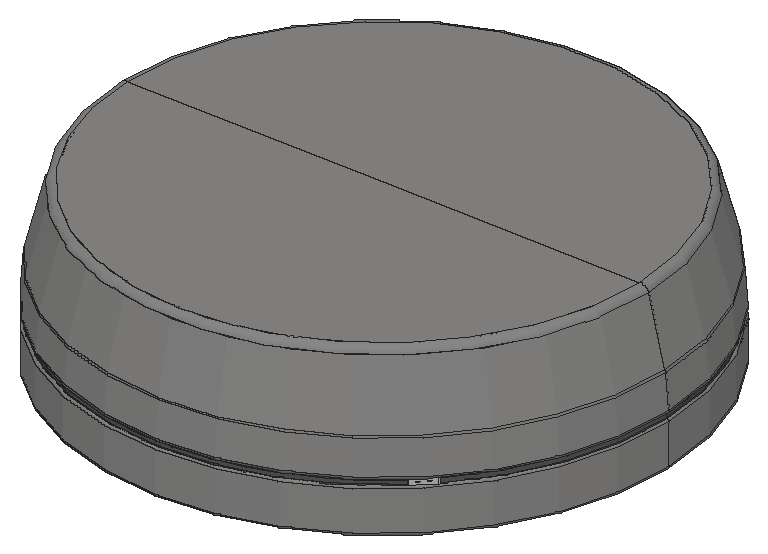
Revit family "Seating-Large-Teknion-STBC_With_USB_Qui-R2013", category Furniture, Revit 2013
Parameters (values of type "Large With USB")
  Width = 60.000"
  Warranty = "http://www.teknionstudio.com/pdfs/Teknion%20Studio%20Warranty.pdf"
  Voltage = 125 V
  Unit Weight = 0.00 lbf
  URL = "www.teknionstudio.com"
  Top Upholstery Finish [instance] = Fabric - Teknion - F206 - Full Wool - Fantasme
  Thread Finish [instance] = Thread - Teknion - Silver
  Series = "Studio"
  Product Line = "Qui"
  Product Documentation Link = "http://www.teknionstudio.com/pricing/STBC_ppg.pdf"
  Power Factor = 1
  Part Number = "STBC"
  Number of Poles = 1
  No Casters = no
  Model = "STBC5"
  Mid Upholstery Finish [instance] = Fabric - Teknion - F212 - Full Wool - Ink
  Manufacturer Phone = "919-464-2920"
  Manufacturer Fax = "919-464-2927"
  Manufacturer Email = "customersupport@teknionstudio.com"
  Manufacturer Address = "3941 US 70 Business HWY West, Clayton, NC 27520"
  Manufacturer = "Teknion Studio"
  Low Emitting Material = yes
  Low Emitting Finish = yes
  Height = 17.3001"
  Description = "Qui Large Ottoman - Upholstered Mid Panel, w/USB Power - 60\"dia x 18\"h / 152cm x 46cm"
  Depth = 60.000"
  Connector Description = "Power Connector"
  Base Upholstery Finish [instance] = Fabric - Teknion - F206 - Full Wool - Fantasme
  Assembly Code = "E2020200"
  Apparent Load [instance] = 1250 VA
Reference planes (in)
  plane 1 "Center F/B": y = 0
  plane 2: z = 0
  plane 3 "Center L/R": x = 0
  plane 4 "Left": x = -30
  plane 5 "Right": x = 30
  plane 6 "Back": y = 30
  plane 7 "Front": y = -30
  plane 8 "Top": z = 17.3001
  plane 9 "Mid Top": z = 5.99
  plane 10 "Mid Bottom": z = 5.4351
  plane 11 "Casters Top": z = 2.6851
  plane 12 "Bottom": z = 0.75
  plane 13: y = -10.5
  plane 14: through (0, 0, 48) normal (-0.5, 0.866, 0)
  plane 15: through (0, 0, 48) normal (0.5, 0.866, 0)
  plane 16 "Wheel Mid Plane": z = 1.19
  plane 17 "Thread 2": z = 16.6501
  plane 18 "Thread 3": x = -0.325
  plane 19 "Thread 4": x = 0.325
  plane 20: x = -3.725
  plane 21: x = 3.725
  plane 22: z = 5.61
  plane 23: z = 5.81
Forms (in)
  Revolve 1, solid, material "Fabric - Teknion - F206 - Full Wool - Fantasme" <- "Base Upholstery Finish"
    sketch origin (0, 0, 0) x (1, 0, 0) y (0, 0, 1)
      loop
        line (0, 5.4351) -> (-29.75, 5.4351)
        arc (-29.75, 5.4351) -> (-29.92678, 5.36188) -> (-30, 5.1851) r 0.25
        line (-30, 5.1851) -> (-30, 1)
        arc (-30, 1) -> (-29.92678, 0.82322) -> (-29.75, 0.75) r 0.25
        line (-29.75, 0.75) -> (0, 0.75) -> (0, 5.4351)
      axis (0, 5.4351) -> (0, 0.75)
    angle from 0 to 360
  Revolve 2, solid, material "Fabric - Teknion - F212 - Full Wool - Ink" <- "Mid Upholstery Finish"
    sketch origin (0, 0, 0) x (1, 0, 0) y (0, 0, 1)
      loop
        arc (-29.65, 6.0501) -> (-29.72071, 6.02081) -> (-29.75, 5.9501) r 0.1
        line (-29.75, 5.9501) -> (-29.75, 5.47013)
        arc (-29.75, 5.47013) -> (-29.72067, 5.39933) -> (-29.64987, 5.37) r 0.10013
        line (-29.64987, 5.37) -> (0, 5.37) -> (0, 6.0501) -> (-29.65, 6.0501)
      axis (0, 6.0501) -> (0, 5.37)
    angle from 0 to 360
  Revolve 3, solid, material "Fabric - Teknion - F206 - Full Wool - Fantasme" <- "Top Upholstery Finish"
    sketch origin (0, 0, 0) x (1, 0, 0) y (0, 0, 1)
      loop
        line (0, 17.3001) -> (0, 5.99) -> (29.73328, 5.99)
        arc (29.73328, 5.99) -> (29.9176, 6.0711) -> (29.98233, 6.26179) r 0.25
        line (29.98233, 6.26179) -> (29.67651, 9.75731)
        arc (29.67651, 9.75731) -> (29.66114, 9.87407) -> (29.63565, 9.98906) r 1.35
        line (29.63565, 9.98906) -> (27.8554, 16.63304)
        arc (27.8554, 16.63304) -> (27.53395, 17.11412) -> (26.98607, 17.3001) r 0.9
        line (26.98607, 17.3001) -> (0, 17.3001)
      axis (0, 5.99) -> (0, 17.3001)
    angle from 0 to 360
  Revolve 4, solid, material "Plastic - Teknion - E - Ebony"
    sketch origin (0, -16.9, 0) x (0, 1, 0) y (0, 0, 1)
      loop
        line (-10.5, 0) -> (-10.5, 0.75) -> (-11, 0.75) -> (-10.89982, 0) -> (-10.5, 0)
      axis (-10.5, 0) -> (-10.5, 0.75)
    angle from 0 to 360
  Revolve 5, solid, material "Plastic - Teknion - E - Ebony"
    sketch origin (-14.63583, -8.45, 0) x (0.866025, 0.5, 0) y (0, 0, 1)
      loop
        line (-10.5, 0) -> (-10.5, 0.75) -> (-11, 0.75) -> (-10.89982, 0) -> (-10.5, 0)
      axis (-10.5, 0) -> (-10.5, 0.75)
    angle from 0 to 360
  Revolve 6, solid, material "Plastic - Teknion - E - Ebony"
    sketch origin (-14.63583, 8.45, 0) x (0.866025, -0.5, 0) y (0, 0, 1)
      loop
        line (-10.5, 0) -> (-10.5, 0.75) -> (-11, 0.75) -> (-10.89982, 0) -> (-10.5, 0)
      axis (-10.5, 0) -> (-10.5, 0.75)
    angle from 0 to 360
  Revolve 7, solid, material "Plastic - Teknion - E - Ebony"
    sketch origin (0, 16.9, 0) x (0, -1, 0) y (0, 0, 1)
      loop
        line (-10.5, 0) -> (-10.5, 0.75) -> (-11, 0.75) -> (-10.89982, 0) -> (-10.5, 0)
      axis (-10.5, 0) -> (-10.5, 0.75)
    angle from 0 to 360
  Revolve 8, solid, material "Plastic - Teknion - E - Ebony"
    sketch origin (14.63583, 8.45, 0) x (-0.866025, -0.5, 0) y (0, 0, 1)
      loop
        line (-10.5, 0) -> (-10.5, 0.75) -> (-11, 0.75) -> (-10.89982, 0) -> (-10.5, 0)
      axis (-10.5, 0) -> (-10.5, 0.75)
    angle from 0 to 360
  Revolve 9, solid, material "Plastic - Teknion - E - Ebony"
    sketch origin (14.63583, -8.45, 0) x (-0.866025, 0.5, 0) y (0, 0, 1)
      loop
        line (-10.5, 0) -> (-10.5, 0.75) -> (-11, 0.75) -> (-10.89982, 0) -> (-10.5, 0)
      axis (-10.5, 0) -> (-10.5, 0.75)
    angle from 0 to 360
  Sweep 10, void
    path origin (0, 0, 0) x (1, 0, 0) y (0, 0, 1)
      loop
        line (0, 10) -> (0, 0)
    profile origin (0, 0, 5) x (0, -1, 0) y (1, 0, 0)
      loop
        arc (-23.58894, -21.62318) -> (-22.62742, -22.62742) -> (-21.62318, -23.58894) r 32
        line (-21.62318, -23.58894) -> (-15.78212, -17.74788)
        arc (-15.78212, -17.74788) -> (0, -23.75) -> (15.78212, -17.74788) r 23.75
        line (15.78212, -17.74788) -> (21.62318, -23.58894)
        arc (21.62318, -23.58894) -> (22.62742, -22.62742) -> (23.58894, -21.62318) r 32
        line (23.58894, -21.62318) -> (17.74788, -15.78212)
        arc (17.74788, -15.78212) -> (23.75, 0) -> (17.74788, 15.78212) r 23.75
        line (17.74788, 15.78212) -> (23.58894, 21.62318)
        arc (23.58894, 21.62318) -> (22.62742, 22.62742) -> (21.62318, 23.58894) r 32
        line (21.62318, 23.58894) -> (15.78212, 17.74788)
        arc (15.78212, 17.74788) -> (0, 23.75) -> (-15.78212, 17.74788) r 23.75
        line (-15.78212, 17.74788) -> (-21.62318, 23.58894)
        arc (-21.62318, 23.58894) -> (-22.62742, 22.62742) -> (-23.58894, 21.62318) r 32
        line (-23.58894, 21.62318) -> (-17.74788, 15.78212)
        arc (-17.74788, 15.78212) -> (-23.75, 0) -> (-17.74788, -15.78212) r 23.75
        line (-17.74788, -15.78212) -> (-23.58894, -21.62318)
  Sweep 11, solid, material "Metal - Teknion - C9 - Polished Aluminum"
    path origin (0, 0, 0) x (1, 0, 0) y (0, 0, 1)
      loop
        line (0, 6.0501) -> (0, 5.37)
    profile origin (0, 0, 5.71005) x (0, -1, 0) y (1, 0, 0)
      loop
        line (-19.64275, 21.53497) -> (-20.02256, 21.91477)
        arc (-20.02256, 21.91477) -> (-20.09118, 21.94404) -> (-20.16097, 21.91766) r 0.1
        arc (-20.16097, 21.91766) -> (-21.05764, 21.05764) -> (-21.91766, 20.16097) r 29.78
        arc (-21.91766, 20.16097) -> (-21.94404, 20.09118) -> (-21.91477, 20.02256) r 0.1
        line (-21.91477, 20.02256) -> (-21.53497, 19.64275) -> (-21.49042, 19.6873) -> (-21.89743, 20.0943)
        arc (-21.89743, 20.0943) -> (-21.01521, 21.01521) -> (-20.0943, 21.89743) r 29.72
        line (-20.0943, 21.89743) -> (-19.6873, 21.49042) -> (-19.64275, 21.53497)
      loop
        arc (20.16097, 21.91766) -> (20.09118, 21.94404) -> (20.02256, 21.91477) r 0.1
        line (20.02256, 21.91477) -> (19.64275, 21.53497) -> (19.6873, 21.49042) -> (20.0943, 21.89743)
        arc (20.0943, 21.89743) -> (21.01521, 21.01521) -> (21.89743, 20.0943) r 29.72
        line (21.89743, 20.0943) -> (21.49042, 19.6873) -> (21.53497, 19.64275) -> (21.91477, 20.02256)
        arc (21.91477, 20.02256) -> (21.94404, 20.09118) -> (21.91766, 20.16097) r 0.1
        arc (21.91766, 20.16097) -> (21.05764, 21.05764) -> (20.16097, 21.91766) r 29.78
      loop
        line (-21.53497, -19.64275) -> (-21.91477, -20.02256)
        arc (-21.91477, -20.02256) -> (-21.94404, -20.09118) -> (-21.91766, -20.16097) r 0.1
        arc (-21.91766, -20.16097) -> (-21.05764, -21.05764) -> (-20.16097, -21.91766) r 29.78
        arc (-20.16097, -21.91766) -> (-20.09118, -21.94404) -> (-20.02256, -21.91477) r 0.1
        line (-20.02256, -21.91477) -> (-19.64275, -21.53497) -> (-19.6873, -21.49042) -> (-20.0943, -21.89743)
        arc (-20.0943, -21.89743) -> (-21.01521, -21.01521) -> (-21.89743, -20.0943) r 29.72
        line (-21.89743, -20.0943) -> (-21.49042, -19.6873) -> (-21.53497, -19.64275)
      loop
        line (19.64275, -21.53497) -> (20.02269, -21.91491)
        arc (20.02269, -21.91491) -> (20.09118, -21.94412) -> (20.16083, -21.91779) r 0.0998
        arc (20.16083, -21.91779) -> (21.05747, -21.05781) -> (21.91745, -20.16119) r 29.78
        arc (21.91745, -20.16119) -> (21.94392, -20.09118) -> (21.91456, -20.02234) r 0.10032
        line (21.91456, -20.02234) -> (21.53497, -19.64275) -> (21.49042, -19.6873) -> (21.89743, -20.0943)
        arc (21.89743, -20.0943) -> (21.01521, -21.01521) -> (20.0943, -21.89743) r 29.72
        line (20.0943, -21.89743) -> (19.6873, -21.49042) -> (19.64275, -21.53497)
  Sweep 12, void
    path origin (0.325, 0, 0) x (0, 0, 1) y (0, -1, 0)
      loop
        line (5.81, 0) -> (5.61, 0)
    profile origin (0.325, 0, 5.71) x (1, 0, 0) y (0, 1, 0)
      loop
        line (20.37642, 21.71292) -> (-0.325, 1.0115) -> (-21.02642, 21.71292)
        arc (-21.02642, 21.71292) -> (-21.20837, 21.53798) -> (-21.38885, 21.36152) r 30
        line (-21.38885, 21.36152) -> (-0.325, 0.29767) -> (20.73885, 21.36152)
        arc (20.73885, 21.36152) -> (20.55837, 21.53798) -> (20.37642, 21.71292) r 30
      loop
        line (21.03652, 21.06385) -> (-0.02733, 0) -> (21.03652, -21.06385)
        arc (21.03652, -21.06385) -> (21.21298, -20.88337) -> (21.38792, -20.70142) r 30
        line (21.38792, -20.70142) -> (0.6865, 0) -> (21.38792, 20.70142)
        arc (21.38792, 20.70142) -> (21.21298, 20.88337) -> (21.03652, 21.06385) r 30
      loop
        line (20.73885, -21.36152) -> (-0.325, -0.29767) -> (-21.38885, -21.36152)
        arc (-21.38885, -21.36152) -> (-21.20837, -21.53798) -> (-21.02642, -21.71292) r 30
        line (-21.02642, -21.71292) -> (-0.325, -1.0115) -> (20.37642, -21.71292)
        arc (20.37642, -21.71292) -> (20.55837, -21.53798) -> (20.73885, -21.36152) r 30
      loop
        line (-21.68652, -21.06385) -> (-0.62267, 0) -> (-21.68652, 21.06385)
        arc (-21.68652, 21.06385) -> (-21.86298, 20.88337) -> (-22.03792, 20.70142) r 30
        line (-22.03792, 20.70142) -> (-1.3365, 0) -> (-22.03792, -20.70142)
        arc (-22.03792, -20.70142) -> (-21.86298, -20.88337) -> (-21.68652, -21.06385) r 30
Cuts and joins
  Sweep 10 cuts Revolve 2
  Sweep 12 cuts Sweep 11
Lines and regions (in)
  Masking region 1
    outline origin (0, 0, 17.3001) x (-1, 0, 0) y (0, -1, 0)
      loop
        circle (0, 0) r 30
  symbolic lines, detail levels fine
    curve 1: circle (0, 0, 17.3001) r 29.5 normal (0, 0, 1)
  symbolic lines, detail levels medium+fine
    curve 2: circle (0, 0, 17.3001) r 27.85 normal (0, 0, 1)
  symbolic lines
    curve 3: circle (0, 0, 17.3001) r 27.35 normal (0, 0, 1)
  model lines, detail levels medium+fine
    curve 4: arc (0.325, -27.8481, 16.6501) -> (2.0288, -27.77601, 16.6501) -> (3.725, -27.59976, 16.6501) r 27.85
    curve 5: arc (-3.725, -27.59976, 16.6501) -> (-2.0288, -27.77601, 16.6501) -> (-0.325, -27.8481, 16.6501) r 27.85
    curve 7: line (-0.325, -27.85035, 16.6501) -> (-0.325, -29.64438, 9.95469)
    curve 8: line (-0.325, -29.97955, 6.24243) -> (-0.325, -29.69419, 9.50408)
    curve 9: arc (-0.325, -29.64438, 9.95469) -> (-0.325, -29.67065, 9.72953) -> (-0.325, -29.69419, 9.50408) r 18.79624
    curve 10: arc (-0.325, -29.97955, 6.24243) -> (-0.325, -29.90562, 6.06393) -> (-0.325, -29.72712, 5.99) r 0.25243
    curve 11: line (-0.325, -30, 5.19389) -> (-0.325, -30, 1.00401)
    curve 12: arc (-0.325, -30, 1.00401) -> (-0.325, -29.9256, 0.8244) -> (-0.325, -29.74599, 0.75) r 0.25401
    curve 13: arc (-0.325, -30, 5.19389) -> (-0.325, -29.93367, 5.36175) -> (-0.325, -29.76808, 5.43354) r 0.23582
    curve 14: line (0.325, -27.85035, 16.6501) -> (0.325, -29.64438, 9.95469)
    curve 15: line (0.325, -29.97955, 6.24243) -> (0.325, -29.69419, 9.50408)
    curve 16: arc (0.325, -29.64438, 9.95469) -> (0.325, -29.67065, 9.72953) -> (0.325, -29.69419, 9.50408) r 18.79624
    curve 17: arc (0.325, -29.97955, 6.24243) -> (0.325, -29.90562, 6.06393) -> (0.325, -29.72712, 5.99) r 0.25243
    curve 18: line (0.325, -30, 5.19389) -> (0.325, -30, 1.00401)
    curve 19: arc (0.325, -30, 1.00401) -> (0.325, -29.9256, 0.8244) -> (0.325, -29.74599, 0.75) r 0.25401
    curve 20: arc (0.325, -30, 5.19389) -> (0.325, -29.93367, 5.36175) -> (0.325, -29.76808, 5.43354) r 0.23582
  model lines, detail levels fine
    curve 6: arc (-3.725, -27.09514, 17.3001) -> (0, -27.35, 17.3001) -> (3.725, -27.09514, 17.3001) r 27.35
Dimensions and locks (in)
  "Height": plane 8 "Top" to level
  equal spacing: plane 4 "Left", plane 3 "Center L/R", plane 5 "Right"
  "Width": plane 4 "Left" to plane 5 "Right"
  equal spacing: plane 6 "Back", plane 1 "Center F/B", plane 7 "Front"
  "Depth": plane 6 "Back" to plane 7 "Front"
  locked: plane 3 "Center L/R" to Revolve 2 sketch curve at 29.75
  locked: plane 16 "Wheel Mid Plane" to plane 2 at 1.19
  plane 19 "Thread 4" to plane 3 "Center L/R" to plane 18 "Thread 3" = 0.325", 0.325"
  locked: plane 19 "Thread 4" to plane 18 "Thread 3" at 0.65
  Revolve 2 sketch curve to Revolve 2 sketch curve to Revolve 2 sketch curve to Revolve 2 sketch curve to plane 2 = 0.100" locked, 0.47997" locked, 0.10013" locked, 5.370" locked
  equal spacing: plane 20, plane 3 "Center L/R", plane 21
  locked: plane 20 to plane 21 at 7.45
  locked: Sweep 10 sketch curve to Sweep 10 sketch curve at 2.78  (x2)
  locked: Sweep 10 sketch curve to plane 2 at 10
  Sweep 11 sketch curve to Sweep 11 sketch curve to plane 2 = 0.6801" locked, 5.370" locked
  Sweep 11 sketch curve to Sweep 11 sketch curve to Sweep 11 sketch curve = 29.11704" locked, 29.11704" locked  (x2)
  Sweep 11 sketch curve to Sweep 11 sketch curve to Sweep 11 sketch curve to Sweep 11 sketch curve = 0.063" locked, 2.550" locked, 0.063" locked  (x2)
  plane 23 to plane 22 to plane 2 = 0.200" locked, 5.610" locked
  Sweep 12 sketch curve to Sweep 12 sketch curve to Sweep 12 sketch curve to Sweep 12 sketch curve = 0.50476" locked, 0.42097" locked, 0.50476" locked  (x2)
  plane 20 to plane 3 "Center L/R" to plane 21 = 3.725" locked, 3.725" locked
  locked: plane 13 to plane 7 "Front" at 19.5
  plane 11 "Casters Top" to plane 12 "Bottom" to level = 1.9351" locked, 0.750" locked
  locked: plane 8 "Top" to plane 17 "Thread 2" at 0.65
  radius of curve 1 = 29.500"
  radius of curve 2 = 27.850"
  radius of curve 3 = 27.350"
  radius of curve 13 = 0.23582"
  radius of curve 10 = 0.25243"
  radius of curve 12 = 0.25401"
  radius of curve 6 = 27.350"
  radius of curve 4 = 27.850"
  radius of Masking region 1 sketch curve = 30.000"
  radius of Sweep 10 sketch curve = 23.750"
  radius of Sweep 10 sketch curve = 32.000"
  radius of Sweep 11 sketch curve = 29.780"  (x2)
  radius of Sweep 11 sketch curve = 29.720"
  locked: plane 5 "Right" to Revolve 3 sketch curve (angle 15.00°)
  locked: plane 5 "Right" to Revolve 3 sketch curve (angle 5.00°)
  locked: curve 5 to curve 5 (angle 7.01784°)
  locked: curve 4 to curve 4 (angle 7.01784°)
  angle plane 7 "Front" to curve 7 = 15.00°
  locked: plane 7 "Front" to curve 8 (angle 5.00°)
  angle Sweep 10 sketch curve to plane 1 "Center F/B" to Sweep 10 sketch curve = 45.00° locked, 45.00° locked  (x2)
  angle Sweep 11 sketch curve to plane 1 "Center F/B" to Sweep 11 sketch curve = 45.00° locked, 45.00° locked
  angle Sweep 12 sketch curve to plane 1 "Center F/B" to Sweep 12 sketch curve = 45.00° locked, 45.00° locked
  aligned and locked: level to plane 2
  aligned and locked: plane 8 "Top" to Revolve 1 sketch curve
  aligned and locked: plane 2 to Revolve 1 sketch curve
  aligned and locked: Revolve 1 sketch curve to plane 3 "Center L/R"  (x2)
  aligned and locked: Revolve 1 sketch curve to plane 4 "Left"
  aligned and locked: Revolve 1 sketch curve to plane 12 "Bottom"
  aligned and locked: plane 10 "Mid Bottom" to Revolve 1 sketch curve
  aligned and locked: plane 8 "Top" to Revolve 2 sketch curve
  aligned and locked: plane 2 to Revolve 2 sketch curve
  aligned and locked: Revolve 2 sketch curve to plane 3 "Center L/R"  (x2)
  aligned and locked: plane 8 "Top" to Revolve 3 sketch curve
  aligned and locked: plane 2 to Revolve 3 sketch curve
  aligned and locked: plane 3 "Center L/R" to Revolve 3 sketch curve
  aligned and locked: Revolve 3 sketch curve to plane 8 "Top"
  aligned and locked: Revolve 3 sketch curve to plane 9 "Mid Top"
  aligned and locked: Revolve 3 sketch curve to plane 3 "Center L/R"
  aligned and locked: curve 4 to curve 5
  aligned and locked: curve 7 to curve 14
  aligned and locked: curve 16 to curve 9
  aligned and locked: curve 15 to curve 8
  aligned and locked: curve 17 to curve 10
  aligned and locked: curve 20 to curve 13
  aligned and locked: curve 18 to curve 11
  aligned and locked: curve 19 to curve 12
  aligned and locked: curve 7 to curve 4
  aligned and locked: plane 3 "Center L/R" to Masking region 1 sketch curve
  aligned and locked: plane 1 "Center F/B" to Masking region 1 sketch curve
  aligned and locked: plane 1 "Center F/B" to curve 2
  aligned and locked: plane 3 "Center L/R" to curve 2
  aligned and locked: plane 20 to curve 6
  aligned and locked: plane 21 to curve 6
  aligned and locked: curve 4 to curve 14
  aligned and locked: plane 21 to curve 4
  aligned and locked: curve 5 to curve 7
  aligned and locked: plane 2 to Sweep 10 sketch curve
  aligned and locked: Sweep 10 sketch curve to plane 3 "Center L/R"
  aligned and locked: Sweep 10 sketch curve to Sweep 10 sketch curve  (x10)
  aligned and locked: plane 1 "Center F/B" to Sweep 10 sketch curve  (x2)
  aligned and locked: plane 3 "Center L/R" to Sweep 10 sketch curve  (x2)
  aligned and locked: Sweep 11 sketch curve to plane 3 "Center L/R"
  aligned and locked: plane 3 "Center L/R" to Sweep 11 sketch curve  (x2)
  aligned and locked: plane 1 "Center F/B" to Sweep 11 sketch curve  (x2)
  aligned and locked: Sweep 11 sketch curve to Sweep 11 sketch curve  (x18)
  aligned and locked: plane 22 to Sweep 12 sketch curve
  aligned and locked: plane 23 to Sweep 12 sketch curve
  aligned and locked: Sweep 12 sketch curve to plane 1 "Center F/B"
  aligned and locked: Sweep 12 sketch curve to Sweep 12 sketch curve  (x8)
  aligned and locked: plane 1 "Center F/B" to curve 1
  aligned and locked: plane 3 "Center L/R" to curve 1
  aligned and locked: plane 1 "Center F/B" to curve 3
  aligned and locked: plane 3 "Center L/R" to curve 3
Automatic sketch dimensions
  plane 4 "Left" to Revolve 1 sketch curve = 0.250"
  plane 12 "Bottom" to Revolve 1 sketch curve = 0.250"
  Revolve 3 sketch curve to plane 5 "Right" = 0.01767"
  plane 9 "Mid Top" to Revolve 3 sketch curve = 0.27179"
  Revolve 3 sketch curve to plane 8 "Top" = 0.66706"
  Revolve 3 sketch curve to Revolve 3 sketch curve = 0.86933"
  Revolve 3 sketch curve to plane 5 "Right" = 0.36435"
  Revolve 3 sketch curve to Revolve 3 sketch curve = 0.04086"
  Revolve 3 sketch curve to plane 5 "Right" = 0.26672"
  Revolve 3 sketch curve to Revolve 3 sketch curve = 1.34486"
  Revolve 3 sketch curve to Revolve 3 sketch curve = 0.23175"
  Revolve 4 sketch curve to Revolve 4 sketch curve = 0.10018"
  Revolve 4 sketch curve to Revolve 4 sketch curve = 0.39982"
  Revolve 4 sketch curve to Revolve 4 sketch curve = 0.000"  (x2)
  Revolve 4 sketch curve to Revolve 4 sketch curve = 0.750"
  Revolve 4 sketch curve to Revolve 4 sketch curve = 16.5501"
  Revolve 5 sketch curve to Revolve 5 sketch curve = 0.10018"
  Revolve 5 sketch curve to Revolve 5 sketch curve = 0.39982"
  Revolve 5 sketch curve to Revolve 5 sketch curve = 0.000"  (x2)
  Revolve 5 sketch curve to Revolve 5 sketch curve = 0.750"
  Revolve 5 sketch curve to Revolve 5 sketch curve = 16.5501"
  Revolve 6 sketch curve to Revolve 6 sketch curve = 0.10018"
  Revolve 6 sketch curve to Revolve 6 sketch curve = 0.39982"
  Revolve 6 sketch curve to Revolve 6 sketch curve = 0.000"  (x2)
  Revolve 6 sketch curve to Revolve 6 sketch curve = 0.750"
  Revolve 6 sketch curve to Revolve 6 sketch curve = 16.5501"
  Revolve 7 sketch curve to Revolve 7 sketch curve = 0.10018"
  Revolve 7 sketch curve to Revolve 7 sketch curve = 0.39982"
  Revolve 7 sketch curve to Revolve 7 sketch curve = 0.000"  (x2)
  Revolve 7 sketch curve to Revolve 7 sketch curve = 0.750"
  Revolve 7 sketch curve to Revolve 7 sketch curve = 16.5501"
  Revolve 8 sketch curve to Revolve 8 sketch curve = 0.10018"
  Revolve 8 sketch curve to Revolve 8 sketch curve = 0.39982"
  Revolve 8 sketch curve to Revolve 8 sketch curve = 0.000"  (x2)
  Revolve 8 sketch curve to Revolve 8 sketch curve = 0.750"
  Revolve 8 sketch curve to Revolve 8 sketch curve = 16.5501"
  Revolve 9 sketch curve to Revolve 9 sketch curve = 0.10018"
  Revolve 9 sketch curve to Revolve 9 sketch curve = 0.39982"
  Revolve 9 sketch curve to Revolve 9 sketch curve = 0.000"  (x2)
  Revolve 9 sketch curve to Revolve 9 sketch curve = 0.750"
  Revolve 9 sketch curve to Revolve 9 sketch curve = 16.5501"
  curve 13 to plane 10 "Mid Bottom" = 0.00156"
  curve 18 to plane 7 "Front" = 0.000"
  curve 18 to plane 16 "Wheel Mid Plane" = 0.18599"
  curve 14 to plane 7 "Front" = 0.35562"
  curve 19 to plane 12 "Bottom" = 0.000"
  curve 17 to plane 9 "Mid Top" = 0.000"
  curve 14 to plane 17 "Thread 2" = 0.000"
  curve 18 to plane 10 "Mid Bottom" = 0.24121"
  curve 15 to plane 7 "Front" = 0.02045"
  plane 9 "Mid Top" to curve 15 = 0.25243"
  curve 15 to plane 7 "Front" = 0.30581"
  curve 17 to curve 15 = 3.26165"
  curve 16 to curve 14 = 0.45061"
  curve 18 to curve 20 = 0.00386"
  curve 20 to plane 10 "Mid Bottom" = 0.00156"
  curve 16 to plane 13 = 0.48821"
  curve 14 to plane 7 "Front" = 2.14965"
  curve 20 to curve 18 = 0.23579"
  plane 1 "Center F/B" to curve 5 = 0.000"
  Sweep 10 sketch curve to Sweep 10 sketch curve = 1.96576"
  Sweep 10 sketch curve to Sweep 10 sketch curve = 0.000"
  Sweep 11 sketch curve to Sweep 11 sketch curve = 0.37981"  (x2)
  Sweep 11 sketch curve to Sweep 11 sketch curve = 0.07175"  (x3)
  Sweep 11 sketch curve to Sweep 11 sketch curve = 0.07162"
  Sweep 11 sketch curve to Sweep 11 sketch curve = 0.01713"
  Sweep 11 sketch curve to Sweep 11 sketch curve = 0.01735"
  Sweep 11 sketch curve to Sweep 11 sketch curve = 0.02023"  (x3)
  Sweep 11 sketch curve to Sweep 11 sketch curve = 0.000"  (x5)
  Sweep 11 sketch curve to Sweep 11 sketch curve = 0.05336"  (x3)
  Sweep 11 sketch curve to Sweep 11 sketch curve = 0.00104"  (x4)
  Sweep 11 sketch curve to Sweep 11 sketch curve = 0.06652"
  Sweep 11 sketch curve to Sweep 11 sketch curve = 0.0538"
  Sweep 11 sketch curve to Sweep 11 sketch curve = 0.02003"
  Sweep 12 sketch curve to Sweep 12 sketch curve = 0.000"  (x14)
  profile plane to Sweep 12 sketch curve = 0.000"  (x2)
  Sweep 12 sketch curve to Sweep 12 sketch curve = 0.35141"  (x4)
  Sweep 12 sketch curve to Sweep 12 sketch curve = 0.29767"  (x4)
  Sweep 12 sketch curve to plane 19 "Thread 4" = 0.325"  (x2)
  curve 1 to curve 6 = 0.000"  (x2)
Connectors (in)
  electrical at (0, 0, 0.75), driven by "Number of Poles", driven by "Voltage", driven by "Apparent Load", driven by "Power Factor", driven by "Apparent Load", driven by "Connector Description"
    settings: index 1, voltage 125 V, apparent load 1250 VA, apparent load phase1 1250 VA, apparent load phase2 0 VA, apparent load phase3 0 VA, power factor 1, load classification "Power", number of poles 1, system type 30, power factor state 1, is connector primary yes, connector utility no, sub classification motor no, connector description "Power Connector"
